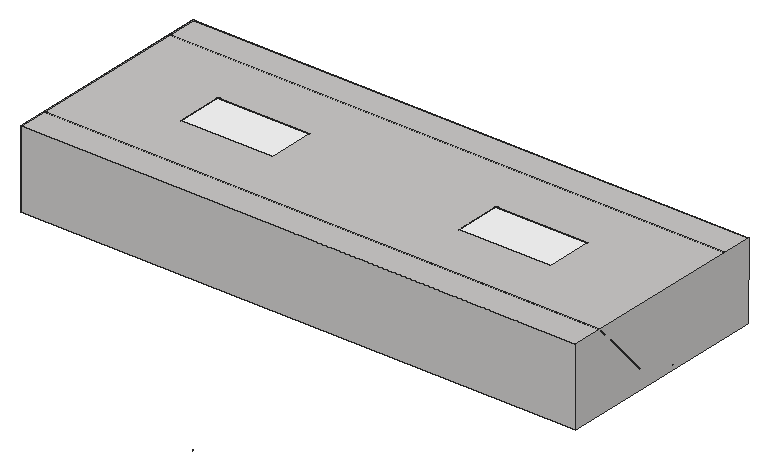
Revit family "QF_ELECTROLUXPROFESSIONAL_642035_EC1436T", category Specialty Equipment, Revit 2014
Reference planes
  plane 1: z = 0
  plane 2 "Center (Left/Right)": x = 150
  plane 3 "LEFT": x = -1650
  plane 4 "RIGHT": x = 1950
  plane 5 "BACK": y = 550
  plane 6 "TOP": z = 2500
  plane 7 "Base": z = 2000
  plane 8: z = 1946
  plane 9: x = -1647
  plane 10 "DrainX": x = 1799
  plane 11 "AOLeft2": x = -450
  plane 12 "AORight1": x = 750
  plane 13: x = 1947
  plane 14: x = -1450
  plane 15: x = 1750
  plane 16: x = 50
  plane 17: x = 250
  plane 18 "AOLeft1": x = -1050
  plane 19 "AORight2": x = 1350
  plane 20: y = 0
  plane 21: y = -300
  plane 22: y = -150
  plane 23: y = -850
  plane 24: through (0, 260.354, 2382.279) normal (0, 0.766, -0.6428)
  plane 25: through (0, -560.351, 2382.279) normal (0, -0.766, -0.6428)
  plane 26: through (0, 272.154, 2402.468) normal (0, -0.753, 0.6581)
  plane 27: through (0, -572.152, 2402.468) normal (0, -0.753, -0.6581)
Forms (mm)
  Extrusion 1, solid, material "QF_Finishes_Stainless Steel"
    sketch origin (-1650, 0, 360) x (0, 1, 0) y (0, 0, 1)
      loop
        line (550, 1640) -> (550, 2140) -> (-850, 2140) -> (-850, 1640) -> (550, 1640)
    from 0 to 3
  Extrusion 2, solid, material "QF_Finishes_Stainless Steel"
    sketch origin (1950, 0, 360) x (0, 1, 0) y (0, 0, 1)
      loop
        line (550, 1640) -> (550, 2140) -> (-850, 2140) -> (-850, 1640) -> (550, 1640)
    from 0 to -3
  Extrusion 3, solid, material "QF_Finishes_Stainless Steel"
    sketch origin (150, 0, 360) x (0, 1, 0) y (0, 0, 1)
      loop
        line (-850, 2140) -> (-850, 1640) -> (-840, 1640) -> (-840, 1640.8) -> (-849.2, 1640.8) -> (-849.2, 2139.19) -> (549.2, 2139.19) -> (549.2, 1640.8) -> (540, 1640.8) -> (540, 1640) -> (550, 1640) -> (550, 2140) -> (-850, 2140)
    from -1800 to 1800
  Extrusion 4, solid, material "QF_Finishes_Stainless Steel"
    sketch origin (0, -600, 2000) x (0, 1, 0) y (-1, 0, 0)
      loop
        circle (450, -1799) r 6.35
    from -3.799 to 0
  Extrusion 5, void
    sketch origin (0, 400, 2500) x (0, 1, 0) y (-1, 0, 0)
      loop
        line (-400, 450) -> (-400, 1050) -> (-700, 1050) -> (-700, 450) -> (-400, 450)
    from 0 to -10
  Extrusion 6, solid, material "QF_Finishes_Stainless Steel"
    sketch origin (0, 0, 0) x (1, 0, 0) y (0, 1, 0)
      loop
        line (-1650, 550) -> (-1650, 549) -> (-1649, 549) -> (-1649, 550) -> (-1650, 550)
    from 0 to 1
  Extrusion 7, solid, material "QF_Finishes_Stainless Steel"
    sketch origin (150, 0, 360) x (0, 1, 0) y (0, 0, 1)
      loop
        line (-79.471, 1685.734) -> (-56.882, 1665.992) -> (272.154, 2042.468) -> (249.566, 2062.21) -> (-79.471, 1685.734)
      loop
        line (-572.152, 2042.468) -> (-243.115, 1665.992) -> (-220.526, 1685.734) -> (-549.563, 2062.21) -> (-572.152, 2042.468)
    from -1600 to -1797
  Extrusion 8, solid, material "QF_Finishes_Stainless Steel"
    sketch origin (150, 0, 360) x (0, 1, 0) y (0, 0, 1)
      loop
        line (260.354, 2022.279) -> (358.454, 2139.19) -> (357.41, 2139.19) -> (266.169, 2030.453) -> (264.331, 2031.996) -> (257.903, 2024.336) -> (260.354, 2022.279)
      loop
        line (-39.202, 1672.761) -> (-56.017, 1663.363) -> (-81.407, 1685.429) -> (-81.974, 1684.862) -> (-54.914, 1661.345) -> (-90.242, 1641.601) -> (-209.758, 1641.601) -> (-245.086, 1661.345) -> (-218.026, 1684.862) -> (-218.593, 1685.429) -> (-243.983, 1663.363) -> (-260.798, 1672.761) -> (-262.311, 1670.055) -> (-209.966, 1640.801) -> (-90.034, 1640.801) -> (-37.689, 1670.055) -> (-39.202, 1672.761)
      loop
        line (-560.354, 2022.279) -> (-557.903, 2024.336) -> (-564.331, 2031.996) -> (-566.169, 2030.453) -> (-657.41, 2139.19) -> (-658.454, 2139.19) -> (-560.354, 2022.279)
    from -1797 to 1797
  Extrusion 9, solid, material "QF_Finishes_Stainless Steel"
    sketch origin (150, 0, 360) x (0, 1, 0) y (0, 0, 1)
      loop
        line (272.154, 2042.468) -> (249.566, 2062.21) -> (-79.471, 1685.734) -> (-56.882, 1665.992) -> (272.154, 2042.468)
      loop
        line (-572.154, 2042.468) -> (-243.118, 1665.992) -> (-220.529, 1685.734) -> (-549.566, 2062.21) -> (-572.154, 2042.468)
    from 1797 to 1600
  Extrusion 10, solid, material "QF_Finishes_Stainless Steel"
    sketch origin (150, 0, 360) x (0, 1, 0) y (0, 0, 1)
      loop
        line (272.154, 2042.468) -> (249.566, 2062.21) -> (-79.471, 1685.734) -> (-56.882, 1665.992) -> (272.154, 2042.468)
      loop
        line (-572.154, 2042.468) -> (-243.118, 1665.992) -> (-220.529, 1685.734) -> (-549.566, 2062.21) -> (-572.154, 2042.468)
    from -100 to 100
  Extrusion 11, solid, material "QF_Finished_Chrome"
    sketch origin (150, 0, 360) x (0, 1, 0) y (0, 0, 1)
      loop
        line (249.566, 2062.21) -> (-79.471, 1685.734) -> (-56.882, 1665.992) -> (272.154, 2042.468) -> (249.566, 2062.21)
      loop
        line (-549.566, 2062.21) -> (-572.154, 2042.468) -> (-243.118, 1665.992) -> (-220.529, 1685.734) -> (-549.566, 2062.21)
    from -1600 to -100
  Extrusion 12, solid, material "QF_Finished_Chrome"
    sketch origin (150, 0, 360) x (0, 1, 0) y (0, 0, 1)
      loop
        line (272.154, 2042.468) -> (249.566, 2062.21) -> (-79.471, 1685.734) -> (-56.882, 1665.992) -> (272.154, 2042.468)
      loop
        line (-572.154, 2042.468) -> (-243.118, 1665.992) -> (-220.529, 1685.734) -> (-549.566, 2062.21) -> (-572.154, 2042.468)
    from 100 to 1600
  Sweep 13, solid, material "QF_Finishes_Stainless Steel"
    path origin (0, 0, 0) x (1, 0, 0) y (0, 1, 0)
      loop
        line (1950, 550) -> (-1650, 550) -> (-1650, -850) -> (1950, -850) -> (1950, 550)
    profile origin (1950, -150, 0) x (1, 0, 0) y (0, 0, 1)
      loop
        line (-3, 2000) -> (-3, 2000.8) -> (-19, 2000.8) -> (-19, 2010) -> (-20, 2010) -> (-20, 2000) -> (-3, 2000)
  Extrusion 14, void
    sketch origin (0, 400, 2500) x (0, 1, 0) y (-1, 0, 0)
      loop
        line (-400, -1350) -> (-400, -750) -> (-700, -750) -> (-700, -1350) -> (-400, -1350)
    from 0 to -10
  Extrusion 15, solid, material "QF_Finishes_Stainless Steel"
    sketch origin (1799, 0, 0) x (0, 1, 0) y (0, 0, 1)
      loop
        arc (-105.855, 1994.063) -> (-104.106, 1996.894) -> (-100.969, 1998.001) r 5
        line (-100.969, 1998.001) -> (-94.999, 1998.001) -> (-94.999, 2000.8) -> (-204.999, 2000.8) -> (-204.999, 1998.001) -> (-199.028, 1998.001)
        arc (-199.028, 1998.001) -> (-195.891, 1996.894) -> (-194.142, 1994.063) r 5
        line (-194.142, 1994.063) -> (-187.139, 1955.845)
        arc (-187.139, 1955.845) -> (-182.768, 1948.768) -> (-174.924, 1946) r 12.5
        line (-174.924, 1946) -> (-125.073, 1946)
        arc (-125.073, 1946) -> (-117.229, 1948.768) -> (-112.859, 1955.845) r 12.5
        line (-112.859, 1955.845) -> (-105.855, 1994.063)
    from -90 to 90
Cuts and joins
  Extrusion 5, Extrusion 14 cuts Extrusion 3
  joined: Extrusion 2, Extrusion 3, Sweep 13
Lines and regions (mm)
  symbolic lines, style "SpecialityEquipment", detail levels coarse
    curve 1: line (1950, 550, 2500) -> (-1650, 550, 2500)
    curve 2: line (-1650, 550, 2500) -> (-1650, -850, 2500)
    curve 3: line (1950, -850, 2500) -> (1950, 550, 2500)
    curve 4: line (-1650, 550, 0) -> (1950, -850, 0)
    curve 5: line (1950, 550, 0) -> (-1650, -850, 0)
  symbolic lines, detail levels coarse
    curve 6: line (-1650, -850, 0) -> (1950, -850, 0)
    curve 7: line (-450, 0, 0) -> (-1050, 0, 0)
    curve 8: line (-450, -300, 0) -> (-450, 0, 0)
    curve 9: line (-1050, -300, 0) -> (-450, -300, 0)
    curve 10: line (-1050, 0, 0) -> (-1050, -300, 0)
    curve 11: line (1350, 0, 0) -> (750, 0, 0)
    curve 12: line (1350, -300, 0) -> (1350, 0, 0)
    curve 13: line (750, -300, 0) -> (1350, -300, 0)
    curve 14: line (750, 0, 0) -> (750, -300, 0)
Dimensions and locks
  plane 3 "LEFT" to plane 4 "RIGHT" = 3600 mm
  equal spacing: plane 3 "LEFT", plane 2 "Center (Left/Right)", plane 4 "RIGHT"
  plane 3 "LEFT" to plane 9 = 3 mm
  plane 10 "DrainX" to plane 4 "RIGHT" = 151 mm
  plane 13 to plane 4 "RIGHT" = 3 mm
  plane 3 "LEFT" to plane 14 = 200 mm
  plane 15 to plane 4 "RIGHT" = 200 mm
  locked: plane 11 "AOLeft2" to plane 12 "AORight1" at 1200
  equal spacing: plane 11 "AOLeft2", plane 2 "Center (Left/Right)", plane 12 "AORight1"
  locked: plane 7 "Base" to level at 2000
  locked: plane 6 "TOP" to plane 7 "Base" at 500
  locked: plane 16 to plane 17 at 200
  equal spacing: plane 16, plane 2 "Center (Left/Right)", plane 17
  plane 18 "AOLeft1" to plane 11 "AOLeft2" = 600 mm
  plane 12 "AORight1" to plane 19 "AORight2" = 600 mm
  plane 5 "BACK" to plane 23 = 1400 mm  (x2)
  equal spacing: plane 5 "BACK", plane 22, plane 23
  locked: plane 20 to plane 21 at 300
  equal spacing: plane 20, plane 22, plane 21
  plane 7 "Base" to plane 8 = 54 mm
  aligned and locked: level to plane 1
  aligned and locked: plane 4 "RIGHT" to Extrusion 3
  aligned and locked: Extrusion 3 to plane 3 "LEFT"
  aligned and locked: Extrusion 7 to plane 9
  aligned and locked: Extrusion 7 to plane 14
  aligned and locked: Extrusion 2 to plane 13
  aligned and locked: plane 13 to Extrusion 9
  aligned and locked: plane 15 to Extrusion 9
  aligned and locked: plane 17 to Extrusion 10
  aligned and locked: Extrusion 10 to plane 16
  aligned and locked: plane 16 to Extrusion 11
  aligned and locked: Extrusion 11 to plane 14
  aligned and locked: Extrusion 12 to plane 17
  aligned and locked: Extrusion 12 to plane 15
  aligned and locked: Extrusion 8 to plane 9
  aligned and locked: plane 13 to Extrusion 8
  aligned and locked: Extrusion 5 to plane 18 "AOLeft1"
  aligned and locked: Extrusion 5 to plane 11 "AOLeft2"
  aligned and locked: plane 12 "AORight1" to Extrusion 14
  aligned and locked: plane 19 "AORight2" to Extrusion 14
  aligned and locked: plane 20 to curve 7
  aligned and locked: curve 9 to plane 21
  aligned and locked: plane 20 to curve 11
  aligned and locked: curve 13 to plane 21
  aligned and locked: plane 20 to Extrusion 5 sketch curve
  aligned and locked: Extrusion 5 sketch curve to plane 21
  aligned and locked: plane 20 to Extrusion 14 sketch curve
Automatic sketch dimensions
  Extrusion 1 sketch curve to plane 7 "Base" = 0 mm
  Extrusion 1 sketch curve to plane 5 "BACK" = 0 mm
  Extrusion 1 sketch curve to plane 6 "TOP" = 0 mm
  Extrusion 2 sketch curve to plane 7 "Base" = 0 mm
  Extrusion 2 sketch curve to plane 5 "BACK" = 0 mm
  Extrusion 2 sketch curve to plane 6 "TOP" = 0 mm
  Extrusion 3 sketch curve to plane 6 "TOP" = 0 mm
  Extrusion 3 sketch curve to plane 7 "Base" = 0 mm  (x2)
  Extrusion 3 sketch curve to plane 5 "BACK" = 0 mm
  Extrusion 3 sketch curve to Extrusion 3 sketch curve = 9.2 mm
  plane 7 "Base" to Extrusion 3 sketch curve = 0.8 mm  (x2)
  Extrusion 3 sketch curve to plane 5 "BACK" = 10 mm
  Extrusion 3 sketch curve to plane 5 "BACK" = 0.8 mm
  Extrusion 3 sketch curve to plane 6 "TOP" = 0.81 mm
  Extrusion 4 sketch curve to plane 10 "DrainX" = 0 mm
  Extrusion 5 sketch curve to plane 11 "AOLeft2" = 0 mm
  Extrusion 5 sketch curve to plane 18 "AOLeft1" = 0 mm
  Extrusion 6 sketch curve to plane 3 "LEFT" = 0 mm
  Extrusion 6 sketch curve to plane 5 "BACK" = 0 mm
  plane 3 "LEFT" to Extrusion 6 sketch curve = 1 mm
  Extrusion 6 sketch curve to Extrusion 6 sketch curve = 1 mm
  Sweep 13 sketch curve to plane 3 "LEFT" = 0 mm
  Sweep 13 sketch curve to plane 4 "RIGHT" = 0 mm
  Sweep 13 sketch curve to plane 5 "BACK" = 0 mm
  profile plane to Sweep 13 sketch curve = 20 mm
  Sweep 13 sketch curve to Sweep 13 sketch curve = 1 mm
  profile plane to Sweep 13 sketch curve = 3 mm
  level to Sweep 13 sketch curve = 2000 mm
  Sweep 13 sketch curve to Sweep 13 sketch curve = 0.8 mm
  Sweep 13 sketch curve to Sweep 13 sketch curve = 9.2 mm
  Extrusion 14 sketch curve to plane 11 "AOLeft2" = 1800 mm
  plane 18 "AOLeft1" to Extrusion 14 sketch curve = 1800 mm
  Extrusion 14 sketch curve to Extrusion 14 sketch curve = 300 mm
  Extrusion 1 sketch curve to plane 21 = 550 mm
  Extrusion 2 sketch curve to plane 21 = 550 mm
  Extrusion 3 sketch curve to plane 21 = 540 mm
  Extrusion 3 sketch curve to Extrusion 3 sketch curve = 0.8 mm
  Sweep 13 sketch curve to plane 21 = 550 mm
  curve 5 to plane 3 "LEFT" = 0 mm
  curve 4 to plane 3 "LEFT" = 0 mm
  curve 10 to plane 18 "AOLeft1" = 0 mm
  curve 8 to plane 11 "AOLeft2" = 0 mm
  curve 14 to plane 12 "AORight1" = 0 mm
  curve 12 to plane 19 "AORight2" = 0 mm
  curve 5 to plane 4 "RIGHT" = 0 mm
  curve 6 to plane 4 "RIGHT" = 0 mm
  curve 4 to plane 5 "BACK" = 0 mm
  curve 5 to plane 5 "BACK" = 0 mm
  curve 6 to plane 23 = 0 mm
  Extrusion 7 sketch curve to plane 26 = 0 mm  (x2)
  Extrusion 7 sketch curve to plane 6 "TOP" = 77.79 mm  (x2)
  plane 7 "Base" to Extrusion 7 sketch curve = 25.992 mm  (x2)
  plane 7 "Base" to Extrusion 7 sketch curve = 45.734 mm
  Extrusion 7 sketch curve to plane 27 = 0 mm
  plane 27 to Extrusion 7 sketch curve = 0 mm
  Extrusion 7 sketch curve to plane 22 = 70.526 mm
  Extrusion 11 sketch curve to plane 26 = 0 mm  (x2)
  Extrusion 11 sketch curve to plane 21 = 272.154 mm
  Extrusion 11 sketch curve to plane 6 "TOP" = 77.79 mm  (x2)
  Extrusion 11 sketch curve to Extrusion 11 sketch curve = 22.589 mm
  plane 7 "Base" to Extrusion 11 sketch curve = 25.992 mm  (x2)
  plane 21 to Extrusion 11 sketch curve = 56.882 mm
  plane 22 to Extrusion 11 sketch curve = 70.529 mm
  Extrusion 10 sketch curve to plane 26 = 0 mm  (x2)
  Extrusion 10 sketch curve to plane 21 = 272.154 mm
  Extrusion 10 sketch curve to plane 6 "TOP" = 77.79 mm  (x2)
  Extrusion 10 sketch curve to Extrusion 10 sketch curve = 22.589 mm
  plane 7 "Base" to Extrusion 10 sketch curve = 25.992 mm  (x2)
  plane 21 to Extrusion 10 sketch curve = 56.882 mm
  plane 22 to Extrusion 10 sketch curve = 70.529 mm
  Extrusion 12 sketch curve to plane 26 = 0 mm  (x2)
  Extrusion 12 sketch curve to plane 21 = 272.154 mm
  Extrusion 12 sketch curve to plane 6 "TOP" = 77.79 mm  (x2)
  Extrusion 12 sketch curve to Extrusion 12 sketch curve = 22.589 mm
  plane 7 "Base" to Extrusion 12 sketch curve = 25.992 mm  (x2)
  plane 21 to Extrusion 12 sketch curve = 56.882 mm
  plane 22 to Extrusion 12 sketch curve = 70.529 mm
  Extrusion 9 sketch curve to plane 26 = 0 mm  (x2)
  Extrusion 9 sketch curve to plane 21 = 272.154 mm
  Extrusion 9 sketch curve to plane 6 "TOP" = 77.79 mm  (x2)
  Extrusion 9 sketch curve to Extrusion 9 sketch curve = 22.589 mm
  plane 7 "Base" to Extrusion 9 sketch curve = 25.992 mm  (x2)
  plane 21 to Extrusion 9 sketch curve = 56.882 mm
  plane 22 to Extrusion 9 sketch curve = 70.529 mm
  Extrusion 4 sketch curve to plane 22 = 0 mm
  plane 7 "Base" to Extrusion 15 sketch curve = 0.8 mm
  Extrusion 15 sketch curve to plane 22 = 54.999 mm
  Extrusion 15 sketch curve to Extrusion 15 sketch curve = 5.97 mm  (x2)
  Extrusion 15 sketch curve to Extrusion 15 sketch curve = 4.886 mm  (x2)
  plane 8 to Extrusion 15 sketch curve = 9.845 mm  (x2)
  Extrusion 15 sketch curve to Extrusion 15 sketch curve = 7.004 mm  (x2)
  plane 8 to Extrusion 15 sketch curve = 12.5 mm
  Extrusion 15 sketch curve to Extrusion 15 sketch curve = 12.215 mm  (x2)
  plane 22 to Extrusion 15 sketch curve = 24.927 mm
  Extrusion 15 sketch curve to plane 7 "Base" = 5.937 mm
  Extrusion 15 sketch curve to plane 7 "Base" = 1.999 mm  (x2)
  Extrusion 15 sketch curve to Extrusion 15 sketch curve = 1.062 mm
  plane 24 to Extrusion 8 sketch curve = 0 mm  (x2)
  Extrusion 8 sketch curve to plane 6 "TOP" = 0.81 mm  (x2)
  plane 23 to Extrusion 8 sketch curve = 191.546 mm
  Extrusion 8 sketch curve to Extrusion 8 sketch curve = 1.044 mm
  Extrusion 8 sketch curve to plane 6 "TOP" = 109.547 mm  (x2)
  Extrusion 8 sketch curve to Extrusion 8 sketch curve = 91.241 mm
  Extrusion 8 sketch curve to plane 6 "TOP" = 108.004 mm  (x2)
  Extrusion 8 sketch curve to plane 6 "TOP" = 117.721 mm
  plane 21 to Extrusion 8 sketch curve = 37.689 mm
  plane 7 "Base" to Extrusion 8 sketch curve = 32.761 mm
  Extrusion 8 sketch curve to Extrusion 8 sketch curve = 1.512 mm
  plane 7 "Base" to Extrusion 8 sketch curve = 21.345 mm  (x2)
  Extrusion 8 sketch curve to Extrusion 8 sketch curve = 17.225 mm
  plane 7 "Base" to Extrusion 8 sketch curve = 23.363 mm  (x2)
  Extrusion 8 sketch curve to Extrusion 8 sketch curve = 1.103 mm  (x2)
  Extrusion 8 sketch curve to Extrusion 8 sketch curve = 25.389 mm  (x2)
  Extrusion 8 sketch curve to Extrusion 8 sketch curve = 0.567 mm  (x4)
  plane 7 "Base" to Extrusion 8 sketch curve = 0.801 mm
  plane 7 "Base" to Extrusion 8 sketch curve = 1.601 mm
  plane 22 to Extrusion 8 sketch curve = 59.758 mm
  Extrusion 8 sketch curve to Extrusion 8 sketch curve = 0.208 mm  (x2)
  Extrusion 8 sketch curve to Extrusion 8 sketch curve = 8.268 mm
  Extrusion 8 sketch curve to Extrusion 8 sketch curve = 16.816 mm
  plane 7 "Base" to Extrusion 8 sketch curve = 30.055 mm
  Extrusion 8 sketch curve to plane 6 "TOP" = 115.664 mm
  plane 20 to Extrusion 8 sketch curve = 257.903 mm
  Extrusion 8 sketch curve to Extrusion 8 sketch curve = 21.498 mm  (x2)
  curve 2 to plane 3 "LEFT" = 0 mm
  curve 2 to plane 23 = 0 mm
  curve 3 to plane 4 "RIGHT" = 0 mm
  curve 3 to plane 23 = 0 mm
  curve 2 to plane 5 "BACK" = 0 mm
  radius of Extrusion 4 sketch curve = 6.35 mm
Connectors
  piping at (1799, -150, 1996.201), diameter 12.7
    settings: on Extrusion 4, index 1, connector inside diameter 609.6 mm, connector length 0 mm, flow factor 0, pipe flow 0.0 L/s, pressure drop 0.0 Pa, fitting loss kfactor 0, connector angle 0.00°, fixture units 0, engagement length 0 mm, angle of deflection 0.00°, flow configuration 1, flow direction 2, fitting loss method 0, system type 16, joint type 0, gender type 0, connector reference index -1, connector utility 0, adjustable connector no, is connector primary yes, connector description "Drain"
  hvac at (-750, -150, 2500)
    settings: on Extrusion 5, index 2, duct flow 0.0 L/s, flow factor 0, pres drop 0.0 Pa, loss coef 0, conn angle 0.00°, conn width 300 mm, conn height 600 mm, conn diameter 609.6 mm, duct sys type 3, conn prof type 1, flow config 1, flow direction 2, loss method 0, conn ref index -1, conn util no, is conn primary yes, conn desc "EXHAUST OUTLET"
  hvac at (1050, -150, 2500)
    settings: on Extrusion 14, index 3, duct flow 0.0 L/s, flow factor 0, pres drop 0.0 Pa, loss coef 0, conn angle 0.00°, conn width 300 mm, conn height 600 mm, conn diameter 609.6 mm, duct sys type 3, conn prof type 1, flow config 1, flow direction 2, loss method 0, conn ref index -1, conn util no, is conn primary no, conn desc "EXHAUST OUTLET"
